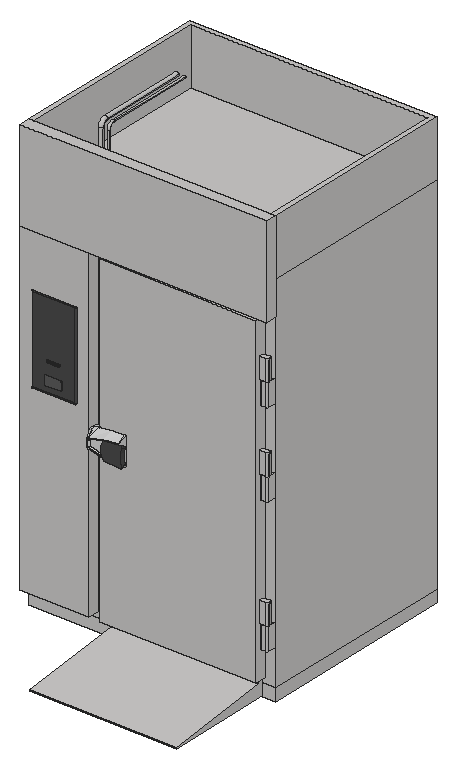
Revit family "QF_ALPENINOX_729269_ABFA22RDFE", category Specialty Equipment, Revit 2018
Family settings
  Round Connector Dimension = Use Diameter
  Part Type = Normal
  Work Plane-Based = No
  Always vertical = Yes
  Cut with Voids When Loaded = No
  Shared = Yes
  Room Calculation Point = No
Parameters (values of type "QF_ALPENINOX_729269_ABFA22RDFE.rfa")
  Weight = 438.00 kg
  Watts = 209.032 W
  Volts = 380 V
  URL Manufacturer = "http://www.alpeninox.com"
  URL = "http://www.alpeninox.com"
  Steam Supply Size = 0"
  Steam Supply Minimum Pressure = 0.00 psi
  Steam Supply Maximum Pressure = 0.00 psi
  Steam Pounds per Hour = 0
  Show Logo [instance] = yes
  Refrigeration Suction Line Size = 0.03937"
  Refrigeration Liquid Line Size = 0.07218"
  Refrigerant Compressor Remote = yes
  Phase = 3
  Model = "ABFA22RDFE"
  Manufacturer = "Alpeninox"
  Length Actual = 1400 mm  # constant formula
  Item Number = "729269"
  Hot Water Size = 0"
  Height Actual = 2340 mm  # constant formula
  HP = "3 HP"
  Gas Size = 0"
  Gas KW = 0
  Gas Input Pressure = 0.0 Btu/h
  Description = "CRIO CHILL BLAST CHILLER FREEZER 200/170KG 20 GN 2/1 - DISASSEMBLED - INSULATED FLOOR - RAMP -REM.REF.UNIT"
  Depth Actual = 1266 mm  # constant formula
  Cycle = 60 Hz
  Condensate Return Size = 0"
  Compressed Air Volume = 0 GPM
  Compressed Air Size = 0"
  Compressed Air Pressure = 0.00 psi
  Cold Water Size = 0"
  Assembly Code = ""
  Show Clearance [instance] = yes
  Accessory = yes
Values of the unnamed type that differ from the named types
  Watts = 0 W
  Volts = 0 V
  URL Manufacturer = ""
  Item Number = ""
  HP = ""
  Cycle = 0 Hz
Reference planes
  plane 1 "BACK": y = 1
  plane 2: z = 0
  plane 3 "LEFT": x = 0
  plane 4 "RIGHT": x = 1400
  plane 5 "FRONT": y = -1205
  plane 6 "TOP": z = 2470
  plane 7 "Center Y": x = 700
  plane 8 "Center X": y = -602
  plane 9: y = -2155
Forms (mm)
  Extrusion 1, solid, material "QF_Clearance", visible <- "Show Clearance", detail levels coarse
    sketch origin (0, 0, 0) x (1, 0, 0) y (0, 1, 0)
      loop
        line (0, -1205) -> (0, 1) -> (1400, 1) -> (1400, -1205) -> (1500, -1205) -> (1500, 101) -> (-100, 101) -> (-100, -1205) -> (0, -1205)
    from 0 to 2670
  Extrusion 2, solid, material "QF_Finishes_Stainless Steel"
    sketch origin (349.253, 33, 700.991) x (-1, 0, 0) y (0, -1, 0)
      loop
        line (349.253, 1172.759) -> (349.253, 1238) -> (-39.747, 1238) -> (-39.747, 1172.759) -> (349.253, 1172.759)
    from -597 to 1254
  Extrusion 3, solid, material "QF_Finishes_Stainless Steel"
    sketch origin (596.16, 27.971, 0) x (1, 0, 0) y (0, 1, 0)
      loop
        line (743.84, -1172.971) -> (-141.16, -1172.971) -> (-141.16, -1232.971) -> (743.84, -1232.971) -> (743.84, -1172.971)
    from 103.991 to 1945.25
  Extrusion 4, solid, material "QF_Door-Drawer Clearances", visible <- "Show Clearance", detail levels coarse
    sketch origin (875, -72.029, -21.802) x (-1, 0, 0) y (0, -1, 0)
      loop
        line (-465, 2025.971) -> (-465, 1132.971) -> (420, 1132.971)
        arc (420, 1132.971) -> (153.836, 1754.227) -> (-465, 2025.971) r 920
    from 125.793 to 1967.052
  Extrusion 5, solid, material "QF_Finishes_Stainless Steel"
    sketch origin (0, 0, 0) x (0, 1, 0) y (0, 0, 1)
      loop
        line (-1158.451, 70.453) -> (-1741.451, 1.966) -> (-1741.451, 0) -> (-1158.451, 0) -> (-1158.451, 70.453)
    from 485 to 1320
  Extrusion 6, solid, material "QF_Finishes_Stainless Steel"
    sketch origin (0, 0, 0) x (0, 1, 0) y (0, 0, 1)
      loop
        line (-1139, 70) -> (-1139, 0) -> (1, 0) -> (1, 70) -> (-1139, 70)
    from 0 to 1400
  Extrusion 7, solid, material "QF_Finishes_Stainless Steel"
    sketch origin (0, -1139.759, 70) x (0, 1, 0) y (-1, 0, 0)
      loop
        line (1140.759, 0) -> (0.759, 0) -> (0.759, -1400) -> (1140.759, -1400) -> (1140.759, 0)
    from 0 to 2080
  Extrusion 8, solid, material "QF_Finishes_Stainless Steel"
    sketch origin (0, 0, 0) x (0, 1, 0) y (0, 0, 1)
      loop
        line (-1139, 2470) -> (-1205, 2470) -> (-1205, 1956) -> (-1139, 1956) -> (-1139, 2470)
    from 0 to 1400
  Extrusion 9, solid, material "QF_Finishes_Stainless Steel"
    sketch origin (0, -1139.759, 2150) x (0, 1, 0) y (-1, 0, 0)
      loop
        line (1140.759, 0) -> (0.759, 0) -> (0.759, -27.807) -> (1112.952, -27.807) -> (1112.952, -1372.193) -> (0.759, -1372.193) -> (0.759, -1400) -> (1140.759, -1400) -> (1140.759, 0)
    from 0 to 320
  Extrusion 10, solid, material "QF_Finishes_Stainless Steel"
    sketch origin (0, 0, 0) x (0, 1, 0) y (0, 0, 1)
      loop
        line (-1139, 92) -> (-1158.451, 92) -> (-1158.451, 0) -> (-1139, 0) -> (-1139, 92)
    from 485 to 1320
  Extrusion 11, solid, material "QF_Clearance", visible <- "Show Clearance", detail levels coarse
    sketch origin (0, 0, 2470) x (-1, 0, 0) y (0, -1, 0)
      loop
        line (0, 1205) -> (-1400, 1205) -> (-1400, -1) -> (0, -1) -> (0, 1205)
    from 0 to 200
  Extrusion 12, solid, material "QF_Finishes_Stainless Steel"
    sketch origin (-390.239, -0.977, 1242.559) x (1, 0, 0) y (0, 1, 0)
      loop
        line (1730.239, -1159.557) -> (1730.239, -1186.759) -> (1771.078, -1186.759)
        arc (1771.078, -1186.759) -> (1778.149, -1183.83) -> (1781.078, -1176.759) r 10
        line (1781.078, -1176.759) -> (1781.078, -1169.557)
        arc (1781.078, -1169.557) -> (1778.149, -1162.486) -> (1771.078, -1159.557) r 10
        line (1771.078, -1159.557) -> (1730.239, -1159.557)
    from 398 to 516
  Extrusion 13, solid, material "QF_Finishes_Stainless Steel"
    sketch origin (-388.989, -0.977, 1242.559) x (1, 0, 0) y (0, 1, 0)
      loop
        line (1779.828, -1138.023) -> (1738.215, -1138.023) -> (1738.215, -1176.759)
        arc (1738.215, -1176.759) -> (1741.143, -1183.83) -> (1748.215, -1186.759) r 10
        line (1748.215, -1186.759) -> (1769.828, -1186.759)
        arc (1769.828, -1186.759) -> (1776.899, -1183.83) -> (1779.828, -1176.759) r 10
        line (1779.828, -1176.759) -> (1779.828, -1138.023)
    from 269 to 396
  Extrusion 14, solid, material "QF_Finishes_Handrails and Railings"
    sketch origin (0, -1205, -69.705) x (-1, 0, 0) y (0, 0, 1)
      loop
        arc (-455, 1022.346) -> (-433.392, 1027.289) -> (-413, 1035.976) r 124.815
        arc (-413, 1035.976) -> (-402.037, 1046.425) -> (-398, 1061.023) r 28.412
        line (-398, 1061.023) -> (-398, 1124.287)
        arc (-398, 1124.287) -> (-402.037, 1138.885) -> (-413, 1149.334) r 28.412
        arc (-413, 1149.334) -> (-433.392, 1158.021) -> (-455, 1162.964) r 124.815
        line (-455, 1162.964) -> (-455, 1022.346)
    from 0 to 25
  Extrusion 15, solid, material "QF_Finishes_Stainless Steel"
    sketch origin (0, 1, 0) x (1, 0, 0) y (0, 0, 1)
      loop
        circle (50.191, 2279.706) r 10
    from -2 to 0
  Extrusion 16, solid
    sketch origin (0, 0, 0) x (1, 0, 0) y (0, 1, 0)
      loop
        circle (271, -895) r 12.7
    from 180 to 190
  Sweep 17, solid, material "QF_Finishes_Stainless Steel"
    path in 3D
      loop
        line (196, -872.727, 2160) -> (196, -872.727, 2384.785)
        arc (196, -872.727, 2384.785) -> (196, -863.94, 2405.999) -> (196, -842.727, 2414.785) r 30
        line (196, -842.727, 2414.785) -> (196, -337, 2414.785)
    profile origin (196, -589.864, 2414.785) x (-1, 0, 0) y (0, 0, 1)
      loop
        circle (0, -0.785) r 11
  Sweep 18, solid, material "QF_Finishes_Stainless Steel"
    path in 3D
      loop
        line (239, -337, 2414) -> (239, -842.727, 2414)
        arc (239, -842.727, 2414) -> (239, -863.94, 2405.213) -> (239, -872.727, 2384) r 30
        line (239, -872.727, 2384) -> (239, -872.727, 2160)
    profile origin (239, -589.864, 2414) x (1, 0, 0) y (0, 0, 1)
      loop
        circle (0, 0) r 6
  Extrusion 19, solid, material "QF_Finishes_Stainless Steel"
    sketch origin (0, -1139.759, 2150) x (0, 1, 0) y (-1, 0, 0)
      loop
        line (272.791, -163.68) -> (262.791, -163.68)
        arc (262.791, -163.68) -> (252.185, -168.074) -> (247.791, -178.68) r 15
        line (247.791, -178.68) -> (247.791, -270.358)
        arc (247.791, -270.358) -> (252.185, -280.965) -> (262.791, -285.358) r 15
        line (262.791, -285.358) -> (272.791, -285.358)
        arc (272.791, -285.358) -> (283.398, -280.965) -> (287.791, -270.358) r 15
        line (287.791, -270.358) -> (287.791, -178.68)
        arc (287.791, -178.68) -> (283.398, -168.074) -> (272.791, -163.68) r 15
    from 0 to 10
  Blend 20, solid, material "QF_Finishes_Handrails and Railings"
    base sketch origin (0, -1205, -69.705) x (1, 0, 0) y (0, 0, 1)
      loop
        arc (455, 1162.964) -> (433.392, 1158.021) -> (413, 1149.334) r 124.815
        arc (413, 1149.334) -> (402.037, 1138.885) -> (398, 1124.287) r 28.412
        line (398, 1124.287) -> (398, 1061.023)
        arc (398, 1061.023) -> (402.037, 1046.425) -> (413, 1035.976) r 28.412
        arc (413, 1035.976) -> (433.392, 1027.289) -> (455, 1022.346) r 124.815
        arc (455, 1022.346) -> (524.77, 1014.896) -> (594.859, 1011.587) r 1185.63
        arc (594.859, 1011.587) -> (600.607, 1013.879) -> (603, 1019.586) r 8
        line (603, 1019.586) -> (603, 1165.724)
        arc (603, 1165.724) -> (600.607, 1171.431) -> (594.859, 1173.723) r 8
        arc (594.859, 1173.723) -> (524.77, 1170.414) -> (455, 1162.964) r 1185.63
    top sketch origin (0, -1205, -69.705) x (1, 0, 0) y (0, 0, 1)
      loop
        line (421, 1108.337) -> (421, 1076.973)
        arc (421, 1076.973) -> (423.295, 1069.915) -> (429.302, 1065.557) r 12
        arc (429.302, 1065.557) -> (515.086, 1044.22) -> (603, 1034.974) r 636.459
        line (603, 1034.974) -> (603, 1150.336)
        arc (603, 1150.336) -> (515.086, 1141.09) -> (429.302, 1119.753) r 636.459
        arc (429.302, 1119.753) -> (423.295, 1115.395) -> (421, 1108.337) r 12
    from 0 to 50
  Blend 21, void
    base sketch origin (0, -1255, -69.705) x (-1, 0, 0) y (0, 0, 1)
      loop
        arc (-430.843, 1114.996) -> (-515.866, 1136.151) -> (-603, 1145.333) r 631.459
        line (-603, 1145.333) -> (-603, 1039.977)
        arc (-603, 1039.977) -> (-515.866, 1049.159) -> (-430.843, 1070.314) r 631.459
        arc (-430.843, 1070.314) -> (-427.339, 1072.856) -> (-426, 1076.973) r 7
        line (-426, 1076.973) -> (-426, 1108.337)
        arc (-426, 1108.337) -> (-427.339, 1112.454) -> (-430.843, 1114.996) r 7
    top sketch origin (0, -1255, -69.705) x (-1, 0, 0) y (0, 0, 1)
      loop
        arc (-432.384, 1110.24) -> (-516.647, 1131.211) -> (-603, 1140.33) r 626.459
        line (-603, 1140.33) -> (-603, 1044.98)
        arc (-603, 1044.98) -> (-516.647, 1054.099) -> (-432.384, 1075.07) r 626.459
        arc (-432.384, 1075.07) -> (-431.382, 1075.797) -> (-431, 1076.973) r 2
        line (-431, 1076.973) -> (-431, 1108.337)
        arc (-431, 1108.337) -> (-431.382, 1109.513) -> (-432.384, 1110.24) r 2
    from 0 to 10
  Blend 22, solid, material "QF_Finishes_Black"
    base sketch origin (0, -1245, -69.705) x (1, 0, 0) y (0, 0, 1)
      loop
        arc (628.567, 1043.419) -> (622.014, 1092.655) -> (628.567, 1141.89) r 188.232
        arc (628.567, 1141.89) -> (627.358, 1147.991) -> (621.77, 1150.721) r 7
        arc (621.77, 1150.721) -> (572.304, 1148.509) -> (523.16, 1142.458) r 636.459
        arc (523.16, 1142.458) -> (507.711, 1092.655) -> (523.16, 1042.852) r 88
        arc (523.16, 1042.852) -> (572.304, 1036.801) -> (621.77, 1034.589) r 636.459
        arc (621.77, 1034.589) -> (627.358, 1037.319) -> (628.567, 1043.419) r 7
    top sketch origin (0, -1245, -69.705) x (1, 0, 0) y (0, 0, 1)
      loop
        arc (626.748, 1050.703) -> (622.014, 1092.655) -> (626.748, 1134.607) r 188.232
        arc (626.748, 1134.607) -> (625.775, 1138.85) -> (621.845, 1140.722) r 5
        arc (621.845, 1140.722) -> (569.023, 1138.185) -> (516.603, 1131.203) r 626.459
        arc (516.603, 1131.203) -> (507.711, 1092.655) -> (516.603, 1054.107) r 88
        arc (516.603, 1054.107) -> (569.023, 1047.124) -> (621.845, 1044.588) r 626.459
        arc (621.845, 1044.588) -> (625.775, 1046.46) -> (626.748, 1050.703) r 5
    from 20 to 0
  Extrusion 23, solid, material "QF_Finishes_Stainless Steel"
    sketch origin (-390.239, -0.977, 762.559) x (1, 0, 0) y (0, 1, 0)
      loop
        line (1730.239, -1159.557) -> (1730.239, -1186.759) -> (1771.078, -1186.759)
        arc (1771.078, -1186.759) -> (1778.149, -1183.83) -> (1781.078, -1176.759) r 10
        line (1781.078, -1176.759) -> (1781.078, -1169.557)
        arc (1781.078, -1169.557) -> (1778.149, -1162.486) -> (1771.078, -1159.557) r 10
        line (1771.078, -1159.557) -> (1730.239, -1159.557)
    from 398 to 516
  Extrusion 24, solid, material "QF_Finishes_Stainless Steel"
    sketch origin (-388.989, -0.977, 762.559) x (1, 0, 0) y (0, 1, 0)
      loop
        line (1779.828, -1138.023) -> (1738.215, -1138.023) -> (1738.215, -1176.759)
        arc (1738.215, -1176.759) -> (1741.143, -1183.83) -> (1748.215, -1186.759) r 10
        line (1748.215, -1186.759) -> (1769.828, -1186.759)
        arc (1769.828, -1186.759) -> (1776.899, -1183.83) -> (1779.828, -1176.759) r 10
        line (1779.828, -1176.759) -> (1779.828, -1138.023)
    from 269 to 396
  Extrusion 25, solid, material "QF_Finishes_Stainless Steel"
    sketch origin (-390.239, -0.977, 2.559) x (1, 0, 0) y (0, 1, 0)
      loop
        line (1730.239, -1159.557) -> (1730.239, -1186.759) -> (1771.078, -1186.759)
        arc (1771.078, -1186.759) -> (1778.149, -1183.83) -> (1781.078, -1176.759) r 10
        line (1781.078, -1176.759) -> (1781.078, -1169.557)
        arc (1781.078, -1169.557) -> (1778.149, -1162.486) -> (1771.078, -1159.557) r 10
        line (1771.078, -1159.557) -> (1730.239, -1159.557)
    from 398 to 516
  Extrusion 26, solid, material "QF_Finishes_Stainless Steel"
    sketch origin (-388.989, -0.977, 2.559) x (1, 0, 0) y (0, 1, 0)
      loop
        line (1779.828, -1138.023) -> (1738.215, -1138.023) -> (1738.215, -1176.759)
        arc (1738.215, -1176.759) -> (1741.143, -1183.83) -> (1748.215, -1186.759) r 10
        line (1748.215, -1186.759) -> (1769.828, -1186.759)
        arc (1769.828, -1186.759) -> (1776.899, -1183.83) -> (1779.828, -1176.759) r 10
        line (1779.828, -1176.759) -> (1779.828, -1138.023)
    from 269 to 396
  Extrusion 27, solid, material "QF_Door-Drawer Clearances", visible <- "Show Clearance", detail levels coarse
    sketch origin (167.029, -1956.84, 0) x (0, 1, 0) y (-1, 0, 0)
      loop
        line (751.84, -1172.971) -> (-141.16, -1172.971) -> (-141.16, -1232.971) -> (751.84, -1232.971) -> (751.84, -1172.971)
    from 103.991 to 1945.25
  Extrusion 28, solid, material "QF_Door-Drawer Clearances", visible <- "Show Clearance", detail levels coarse
    sketch origin (1400, -2553, -69.705) x (0, -1, 0) y (0, 0, 1)
      loop
        arc (-455, 1022.346) -> (-433.392, 1027.289) -> (-413, 1035.976) r 124.815
        arc (-413, 1035.976) -> (-402.037, 1046.425) -> (-398, 1061.023) r 28.412
        line (-398, 1061.023) -> (-398, 1124.287)
        arc (-398, 1124.287) -> (-402.037, 1138.885) -> (-413, 1149.334) r 28.412
        arc (-413, 1149.334) -> (-433.392, 1158.021) -> (-455, 1162.964) r 124.815
        line (-455, 1162.964) -> (-455, 1022.346)
    from 0 to 25
  Blend 29, solid, material "QF_Door-Drawer Clearances", visible <- "Show Clearance", detail levels coarse
    base sketch origin (1400, -2553, -69.705) x (0, 1, 0) y (0, 0, 1)
      loop
        arc (455, 1162.964) -> (433.392, 1158.021) -> (413, 1149.334) r 124.815
        arc (413, 1149.334) -> (402.037, 1138.885) -> (398, 1124.287) r 28.412
        line (398, 1124.287) -> (398, 1061.023)
        arc (398, 1061.023) -> (402.037, 1046.425) -> (413, 1035.976) r 28.412
        arc (413, 1035.976) -> (433.392, 1027.289) -> (455, 1022.346) r 124.815
        arc (455, 1022.346) -> (524.77, 1014.896) -> (594.859, 1011.587) r 1185.63
        arc (594.859, 1011.587) -> (600.607, 1013.879) -> (603, 1019.586) r 8
        line (603, 1019.586) -> (603, 1165.724)
        arc (603, 1165.724) -> (600.607, 1171.431) -> (594.859, 1173.723) r 8
        arc (594.859, 1173.723) -> (524.77, 1170.414) -> (455, 1162.964) r 1185.63
    top sketch origin (1400, -2553, -69.705) x (0, 1, 0) y (0, 0, 1)
      loop
        line (421, 1108.337) -> (421, 1076.973)
        arc (421, 1076.973) -> (423.295, 1069.915) -> (429.302, 1065.557) r 12
        arc (429.302, 1065.557) -> (515.086, 1044.22) -> (603, 1034.974) r 636.459
        line (603, 1034.974) -> (603, 1150.336)
        arc (603, 1150.336) -> (515.086, 1141.09) -> (429.302, 1119.753) r 636.459
        arc (429.302, 1119.753) -> (423.295, 1115.395) -> (421, 1108.337) r 12
    from 0 to 50
  Blend 30, void
    base sketch origin (1450, -2553, -69.705) x (0, -1, 0) y (0, 0, 1)
      loop
        arc (-430.843, 1114.996) -> (-515.866, 1136.151) -> (-603, 1145.333) r 631.459
        line (-603, 1145.333) -> (-603, 1039.977)
        arc (-603, 1039.977) -> (-515.866, 1049.159) -> (-430.843, 1070.314) r 631.459
        arc (-430.843, 1070.314) -> (-427.339, 1072.856) -> (-426, 1076.973) r 7
        line (-426, 1076.973) -> (-426, 1108.337)
        arc (-426, 1108.337) -> (-427.339, 1112.454) -> (-430.843, 1114.996) r 7
    top sketch origin (1450, -2553, -69.705) x (0, -1, 0) y (0, 0, 1)
      loop
        arc (-432.384, 1110.24) -> (-516.647, 1131.211) -> (-603, 1140.33) r 626.459
        line (-603, 1140.33) -> (-603, 1044.98)
        arc (-603, 1044.98) -> (-516.647, 1054.099) -> (-432.384, 1075.07) r 626.459
        arc (-432.384, 1075.07) -> (-431.382, 1075.797) -> (-431, 1076.973) r 2
        line (-431, 1076.973) -> (-431, 1108.337)
        arc (-431, 1108.337) -> (-431.382, 1109.513) -> (-432.384, 1110.24) r 2
    from 0 to 10
  Blend 31, solid, material "QF_Door-Drawer Clearances", visible <- "Show Clearance", detail levels coarse
    base sketch origin (1440, -2553, -69.705) x (0, 1, 0) y (0, 0, 1)
      loop
        arc (628.567, 1043.419) -> (622.014, 1092.655) -> (628.567, 1141.89) r 188.232
        arc (628.567, 1141.89) -> (627.358, 1147.991) -> (621.77, 1150.721) r 7
        arc (621.77, 1150.721) -> (572.304, 1148.509) -> (523.16, 1142.458) r 636.459
        arc (523.16, 1142.458) -> (507.711, 1092.655) -> (523.16, 1042.852) r 88
        arc (523.16, 1042.852) -> (572.304, 1036.801) -> (621.77, 1034.589) r 636.459
        arc (621.77, 1034.589) -> (627.358, 1037.319) -> (628.567, 1043.419) r 7
    top sketch origin (1440, -2553, -69.705) x (0, 1, 0) y (0, 0, 1)
      loop
        arc (626.748, 1050.703) -> (622.014, 1092.655) -> (626.748, 1134.607) r 188.232
        arc (626.748, 1134.607) -> (625.775, 1138.85) -> (621.845, 1140.722) r 5
        arc (621.845, 1140.722) -> (569.023, 1138.185) -> (516.603, 1131.203) r 626.459
        arc (516.603, 1131.203) -> (507.711, 1092.655) -> (516.603, 1054.107) r 88
        arc (516.603, 1054.107) -> (569.023, 1047.124) -> (621.845, 1044.588) r 626.459
        arc (621.845, 1044.588) -> (625.775, 1046.46) -> (626.748, 1050.703) r 5
    from 20 to -1
Cuts and joins
  joined: Extrusion 1, Extrusion 11
  joined: Extrusion 5, Extrusion 10
  Blend 21 cuts Extrusion 3
  joined: Extrusion 3, Extrusion 12, Extrusion 23, Extrusion 25
  Blend 21 cuts Extrusion 7
  joined: Extrusion 7, Extrusion 13, Sweep 17, Sweep 18, Extrusion 19, Extrusion 24, Extrusion 26
  Blend 21, Blend 30 cuts Extrusion 14
  Blend 21, Blend 30 cuts Blend 20
  joined: Extrusion 14, Blend 20
  Blend 30 cuts Extrusion 4
  Blend 30 cuts Blend 29
  joined: Extrusion 4, Extrusion 27, Extrusion 28, Blend 29, Blend 31
  joined: Extrusion 9, Extrusion 15
Lines and regions (mm)
  symbolic lines, style "QF-Clearances", visible <- "Show Clearance", detail levels coarse
    curve 1: line (-100, -1204.241, 70) -> (-100, 101, 70)
    curve 2: line (-100, 101, 70) -> (1500, 101, 70)
    curve 3: line (1500, 101, 70) -> (1500, -1204.241, 70)
  symbolic lines
    curve 4: line (1320, -1205, 70) -> (1320, -1741.451, 70)
    curve 5: line (1320, -1741.451, 70) -> (485, -1741.451, 70)
    curve 6: line (485, -1741.451, 70) -> (485, -1255, 70)
    curve 13: line (185, -336.968, 70) -> (207, -336.968, 70)
    curve 14: line (207, -336.968, 70) -> (207, -871.942, 70)
    curve 15: line (233, -872.727, 70) -> (233, -337, 70)
    curve 16: line (233, -337, 70) -> (245, -337, 70)
    curve 17: line (245, -337, 70) -> (245, -872.727, 70)
    curve 18: line (245, -851.968, 70) -> (270.358, -851.968, 70)
    curve 19: arc (285.358, -866.968, 70) -> (280.965, -856.361, 70) -> (270.358, -851.968, 70) r 15
    curve 20: line (285.358, -876.968, 70) -> (285.358, -866.968, 70)
    curve 21: arc (270.358, -891.968, 70) -> (280.965, -887.575, 70) -> (285.358, -876.968, 70) r 15
    curve 22: line (178.68, -891.968, 70) -> (270.358, -891.968, 70)
    curve 23: arc (163.68, -876.968, 70) -> (168.074, -887.575, 70) -> (178.68, -891.968, 70) r 15
    curve 24: line (163.68, -866.968, 70) -> (163.68, -876.968, 70)
    curve 25: arc (178.68, -851.968, 70) -> (168.074, -856.361, 70) -> (163.68, -866.968, 70) r 15
    curve 26: arc (207, -871.942, 70) -> (196, -882.942, 70) -> (185, -871.942, 70) r 11
    curve 27: arc (233, -872.727, 70) -> (239, -878.727, 70) -> (245, -872.727, 70) r 6
    curve 28: line (178.68, -851.968, 70) -> (185, -851.968, 70)
    curve 29: line (185, -336.968, 70) -> (185, -871.942, 70)
    curve 30: line (207, -851.968, 70) -> (233, -851.968, 70)
    curve 31: line (0, 1, 70) -> (1400, 1, 70)
    curve 32: line (0, -1205, 70) -> (0, 1, 70)
    curve 33: line (1400, -1205, 70) -> (0, -1205, 70)
    curve 34: line (1400, 1, 70) -> (1400, -1205, 70)
    curve 35: line (27.807, -26.807, 70) -> (1372.193, -26.807, 70)
    curve 36: line (27.807, -1139, 70) -> (27.807, -26.807, 70)
    curve 37: line (1400, -1139, 70) -> (0, -1139, 70)
    curve 38: line (1372.193, -26.807, 70) -> (1372.193, -1139, 70)
    curve 39: line (75.5, -1210, 70) -> (313.5, -1210, 70)
    curve 40: line (75.5, -1210, 70) -> (67.5, -1205, 70)
    curve 41: line (313.5, -1210, 70) -> (321.5, -1205, 70)
    curve 42: line (421, -1255, 70) -> (398, -1205, 70)
    curve 43: line (421, -1255, 70) -> (603, -1255, 70)
    curve 44: line (603, -1255, 70) -> (603, -1205, 70)
    curve 45: line (603, -1245, 70) -> (626.748, -1245, 70)
    curve 46: line (626.748, -1245, 70) -> (628.811, -1265, 70)
    curve 47: line (628.811, -1265, 70) -> (507.711, -1265, 70)
    curve 48: line (507.711, -1265, 70) -> (507.711, -1255, 70)
  sketch lines
    curve 7: line (196, -842.727, 2414.785) -> (196, -337, 2414.785)
    curve 8: arc (196, -872.727, 2384.785) -> (196, -863.94, 2405.999) -> (196, -842.727, 2414.785) r 30
    curve 9: line (196, -872.727, 2160) -> (196, -872.727, 2384.785)
    curve 10: line (239, -337, 2414) -> (239, -842.727, 2414)
    curve 11: arc (239, -842.727, 2414) -> (239, -863.94, 2405.213) -> (239, -872.727, 2384) r 30
    curve 12: line (239, -872.727, 2384) -> (239, -872.727, 2160)
  symbolic lines, style "QF_Door-Drawer Clearances", visible <- "Show Clearance"
    curve 49: line (1450, -2132, 70) -> (1400, -2155, 70)
    curve 50: line (1450, -2132, 70) -> (1450, -1950, 70)
    curve 51: line (1450, -1950, 70) -> (1400, -1950, 70)
    curve 52: line (1439, -1950, 70) -> (1439, -1926.126, 70)
    curve 53: line (1439, -1926.126, 70) -> (1460, -1924.189, 70)
    curve 54: line (1460, -1924.189, 70) -> (1460, -2045.289, 70)
    curve 55: line (1460, -2045.289, 70) -> (1450, -2045.289, 70)
    curve 56: line (1375, -2098, 70) -> (1375, -2155, 70)
    curve 57: line (1340, -2098, 70) -> (1400, -2098, 70)
    curve 58: arc (457.796, -1255, 70) -> (739.031, -1843.801, 70) -> (1340, -2098, 70) r 920
    curve 59: line (1400, -2155, 70) -> (1375, -2155, 70)
    curve 60: line (1400, -2098, 70) -> (1400, -1205, 70)
    curve 61: line (1340, -2098, 70) -> (1340, -1205, 70)
Dimensions and locks
  plane 5 "FRONT" to plane 1 "BACK" = 1206 mm
  plane 6 "TOP" to level = 2470 mm
  plane 4 "RIGHT" to plane 3 "LEFT" = 1400 mm
  plane 3 "LEFT" to plane 4 "RIGHT" = 1400 mm
  equal spacing: plane 3 "LEFT", plane 7 "Center Y", plane 4 "RIGHT"
  equal spacing: plane 1 "BACK", plane 8 "Center X", plane 5 "FRONT"
  Extrusion 5 sketch curve to Extrusion 5 sketch curve = 583 mm
  Extrusion 4 sketch curve to plane 1 "BACK" = 2099 mm
  Extrusion 16 sketch curve to plane 1 "BACK" = 896 mm
  plane 3 "LEFT" to Extrusion 16 sketch curve = 271 mm
  angle Extrusion 5 sketch curve to Extrusion 5 sketch curve = 6.70°
  aligned and locked: level to plane 2
Automatic sketch dimensions
  plane 5 "FRONT" to Extrusion 1 sketch curve = 0 mm  (x2)
  Extrusion 1 sketch curve to plane 3 "LEFT" = 0 mm
  plane 1 "BACK" to Extrusion 1 sketch curve = 0 mm
  Extrusion 1 sketch curve to plane 4 "RIGHT" = 0 mm
  Extrusion 1 sketch curve to plane 3 "LEFT" = 100 mm
  plane 4 "RIGHT" to Extrusion 1 sketch curve = 100 mm
  Extrusion 1 sketch curve to plane 1 "BACK" = 100 mm
  plane 5 "FRONT" to Extrusion 2 sketch curve = 0 mm
  Extrusion 2 sketch curve to plane 3 "LEFT" = 0 mm
  Extrusion 2 sketch curve to plane 5 "FRONT" = 65.241 mm
  plane 5 "FRONT" to Extrusion 3 sketch curve = 0 mm
  Extrusion 3 sketch curve to plane 5 "FRONT" = 60 mm
  Extrusion 3 sketch curve to plane 4 "RIGHT" = 60 mm
  Extrusion 5 sketch curve to level = 0 mm
  level to Extrusion 5 sketch curve = 1.966 mm
  Extrusion 5 sketch curve to plane 9 = 413.549 mm
  Extrusion 6 sketch curve to level = 0 mm
  Extrusion 6 sketch curve to plane 1 "BACK" = 0 mm
  Extrusion 6 sketch curve to plane 5 "FRONT" = 66 mm
  Extrusion 6 sketch curve to Extrusion 6 sketch curve = 70 mm
  Extrusion 7 sketch curve to Extrusion 6 = 0 mm  (x3)
  Extrusion 6 to Extrusion 7 sketch curve = 0 mm
  Extrusion 8 sketch curve to plane 5 "FRONT" = 0 mm
  Extrusion 8 sketch curve to plane 6 "TOP" = 0 mm
  Extrusion 8 sketch curve to plane 5 "FRONT" = 66 mm
  Extrusion 8 sketch curve to Extrusion 8 sketch curve = 514 mm
  Extrusion 7 to Extrusion 9 sketch curve = 0 mm
  Extrusion 9 sketch curve to Extrusion 7 = 0 mm  (x4)
  Extrusion 9 sketch curve to Extrusion 7 = 27.807 mm  (x3)
  Extrusion 10 sketch curve to level = 0 mm
  Extrusion 10 sketch curve to plane 5 "FRONT" = 46.549 mm
  Extrusion 10 sketch curve to Extrusion 10 sketch curve = 19.451 mm
  Extrusion 10 sketch curve to Extrusion 10 sketch curve = 92 mm
  Extrusion 11 sketch curve to plane 4 "RIGHT" = 0 mm
  plane 1 "BACK" to Extrusion 11 sketch curve = 0 mm
  Extrusion 11 sketch curve to plane 3 "LEFT" = 0 mm
  plane 5 "FRONT" to Extrusion 11 sketch curve = 0 mm
  Extrusion 12 sketch curve to plane 5 "FRONT" = 17.264 mm
  Extrusion 12 sketch curve to plane 4 "RIGHT" = 60 mm
  Extrusion 12 sketch curve to plane 4 "RIGHT" = 19.161 mm
  Extrusion 12 sketch curve to Extrusion 12 sketch curve = 0 mm
  Extrusion 12 sketch curve to plane 4 "RIGHT" = 9.161 mm
  Extrusion 12 sketch curve to Extrusion 12 sketch curve = 7.202 mm
  Extrusion 13 sketch curve to plane 5 "FRONT" = 27.264 mm
  Extrusion 13 sketch curve to plane 4 "RIGHT" = 50.775 mm
  Extrusion 13 sketch curve to Extrusion 13 sketch curve = 10 mm
  Extrusion 13 sketch curve to plane 4 "RIGHT" = 19.161 mm
  Extrusion 13 sketch curve to plane 4 "RIGHT" = 9.161 mm
  Extrusion 13 sketch curve to Extrusion 13 sketch curve = 38.736 mm
  plane 7 "Center Y" to Extrusion 14 sketch curve = 228.081 mm
  Extrusion 14 sketch curve to Extrusion 14 sketch curve = 0 mm
  Extrusion 14 sketch curve to Extrusion 14 sketch curve = 16.919 mm
  Extrusion 14 sketch curve to Extrusion 14 sketch curve = 28.588 mm  (x2)
  Extrusion 14 sketch curve to Extrusion 14 sketch curve = 28.412 mm
  level to Extrusion 14 sketch curve = 952.641 mm
  Extrusion 14 sketch curve to Extrusion 14 sketch curve = 16.954 mm  (x2)
  Extrusion 14 sketch curve to Extrusion 14 sketch curve = 38.676 mm
  Extrusion 14 sketch curve to Extrusion 14 sketch curve = 63.265 mm
  Extrusion 14 sketch curve to Extrusion 14 sketch curve = 21.722 mm
  Sweep 17 sketch curve to profile plane = 0 mm
  Sweep 17 sketch curve to profile plane = 0.785 mm
  profile plane to Sweep 18 sketch curve = 0 mm
  Sweep 18 sketch curve to profile plane = 0 mm
  Extrusion 19 sketch curve to Extrusion 7 = 247.032 mm
  Extrusion 19 sketch curve to Extrusion 19 sketch curve = 15 mm  (x3)
  Extrusion 19 sketch curve to Extrusion 19 sketch curve = 10 mm  (x2)
  Extrusion 19 sketch curve to Extrusion 7 = 285.358 mm
  Extrusion 19 sketch curve to Extrusion 19 sketch curve = 91.678 mm
  Blend 20 sketch curve to Extrusion 14 = 0 mm  (x4)
  Blend 20 sketch curve to Extrusion 14 = 28.412 mm
  Blend 20 sketch curve to Blend 20 sketch curve = 123.081 mm  (x2)
  Blend 20 sketch curve to Blend 20 sketch curve = 8 mm
  Extrusion 14 to Blend 20 sketch curve = 160.712 mm  (x2)
  Blend 20 sketch curve to Blend 20 sketch curve = 19.715 mm  (x2)
  Blend 20 sketch curve to Blend 20 sketch curve = 38.676 mm
  Blend 20 sketch curve to Extrusion 14 = 23 mm
  Blend 20 sketch curve to Blend 20 sketch curve = 12 mm  (x2)
  Extrusion 14 to Blend 20 sketch curve = 148 mm
  Extrusion 14 to Blend 20 sketch curve = 170.45 mm  (x2)
  Blend 20 sketch curve to Blend 20 sketch curve = 520.701 mm  (x2)
  Blend 20 sketch curve to Blend 20 sketch curve = 41.999 mm
  Blend 20 sketch curve to Blend 20 sketch curve = 31.364 mm
  Blend 20 sketch curve to Blend 20 sketch curve = 115.362 mm
  Blend 20 to Blend 21 sketch curve = 0 mm  (x2)
  Blend 21 sketch curve to Blend 21 sketch curve = 7 mm
  Blend 21 sketch curve to Blend 21 sketch curve = 31.364 mm  (x2)
  Blend 21 sketch curve to Blend 21 sketch curve = 2 mm
  Blend 21 to Blend 22 sketch curve = 18.811 mm  (x2)
  Blend 22 sketch curve to Blend 21 = 7.289 mm  (x2)
  Blend 22 sketch curve to Blend 22 sketch curve = 188.435 mm
  Blend 22 sketch curve to Blend 22 sketch curve = 7 mm  (x2)
  Blend 22 sketch curve to Blend 22 sketch curve = 51.066 mm  (x2)
  Blend 22 sketch curve to Blend 22 sketch curve = 0 mm  (x6)
  Blend 22 sketch curve to Blend 21 = 79.84 mm
  Blend 21 to Blend 22 sketch curve = 18.874 mm  (x2)
  Blend 22 sketch curve to Blend 22 sketch curve = 188.371 mm
  Blend 22 sketch curve to Blend 22 sketch curve = 5 mm  (x2)
  Blend 22 sketch curve to Blend 22 sketch curve = 43.067 mm  (x2)
  Blend 22 sketch curve to Blend 21 = 85.603 mm
  Extrusion 23 sketch curve to plane 5 "FRONT" = 17.264 mm
  Extrusion 23 sketch curve to plane 4 "RIGHT" = 60 mm
  Extrusion 23 sketch curve to plane 4 "RIGHT" = 19.161 mm
  Extrusion 23 sketch curve to Extrusion 23 sketch curve = 0 mm
  Extrusion 23 sketch curve to plane 4 "RIGHT" = 9.161 mm
  Extrusion 23 sketch curve to Extrusion 23 sketch curve = 7.202 mm
  Extrusion 24 sketch curve to plane 5 "FRONT" = 27.264 mm
  Extrusion 24 sketch curve to plane 4 "RIGHT" = 50.775 mm
  Extrusion 24 sketch curve to Extrusion 24 sketch curve = 10 mm
  Extrusion 24 sketch curve to plane 4 "RIGHT" = 19.161 mm
  Extrusion 24 sketch curve to plane 4 "RIGHT" = 9.161 mm
  Extrusion 24 sketch curve to Extrusion 24 sketch curve = 38.736 mm
  Extrusion 25 sketch curve to plane 5 "FRONT" = 17.264 mm
  Extrusion 25 sketch curve to plane 4 "RIGHT" = 60 mm
  Extrusion 25 sketch curve to plane 4 "RIGHT" = 19.161 mm
  Extrusion 25 sketch curve to Extrusion 25 sketch curve = 0 mm
  Extrusion 25 sketch curve to plane 4 "RIGHT" = 9.161 mm
  Extrusion 25 sketch curve to Extrusion 25 sketch curve = 7.202 mm
  Extrusion 26 sketch curve to plane 5 "FRONT" = 27.264 mm
  Extrusion 26 sketch curve to plane 4 "RIGHT" = 50.775 mm
  Extrusion 26 sketch curve to Extrusion 26 sketch curve = 10 mm
  Extrusion 26 sketch curve to plane 4 "RIGHT" = 19.161 mm
  Extrusion 26 sketch curve to plane 4 "RIGHT" = 9.161 mm
  Extrusion 26 sketch curve to Extrusion 26 sketch curve = 38.736 mm
  Extrusion 27 sketch curve to plane 9 = 57 mm
  plane 5 "FRONT" to Extrusion 27 sketch curve = 0 mm
  Extrusion 27 sketch curve to plane 7 "Center Y" = 700 mm
  Extrusion 27 sketch curve to Extrusion 27 sketch curve = 60 mm
  Extrusion 28 sketch curve to plane 9 = 73.919 mm
  Extrusion 28 sketch curve to Extrusion 28 sketch curve = 0 mm
  Extrusion 28 sketch curve to Extrusion 28 sketch curve = 16.919 mm
  Extrusion 28 sketch curve to Extrusion 28 sketch curve = 28.588 mm  (x2)
  Extrusion 28 sketch curve to Extrusion 28 sketch curve = 28.412 mm
  level to Extrusion 28 sketch curve = 952.641 mm
  Extrusion 28 sketch curve to Extrusion 28 sketch curve = 16.954 mm  (x2)
  Extrusion 28 sketch curve to Extrusion 28 sketch curve = 38.676 mm
  Extrusion 28 sketch curve to Extrusion 28 sketch curve = 63.265 mm
  Extrusion 28 sketch curve to Extrusion 28 sketch curve = 21.722 mm
  Blend 29 sketch curve to Extrusion 28 = 0 mm  (x4)
  Blend 29 sketch curve to Extrusion 28 = 28.412 mm
  Blend 29 sketch curve to Blend 29 sketch curve = 123.081 mm  (x2)
  Blend 29 sketch curve to Blend 29 sketch curve = 8 mm
  Extrusion 28 to Blend 29 sketch curve = 160.712 mm  (x2)
  Blend 29 sketch curve to Blend 29 sketch curve = 19.715 mm  (x2)
  Blend 29 sketch curve to Blend 29 sketch curve = 38.676 mm
  Blend 29 sketch curve to Extrusion 28 = 23 mm
  Blend 29 sketch curve to Blend 29 sketch curve = 12 mm  (x2)
  Extrusion 28 to Blend 29 sketch curve = 148 mm
  Extrusion 28 to Blend 29 sketch curve = 170.45 mm  (x2)
  Blend 29 sketch curve to Blend 29 sketch curve = 520.701 mm  (x2)
  Blend 29 sketch curve to Blend 29 sketch curve = 41.999 mm
  Blend 29 sketch curve to Blend 29 sketch curve = 31.364 mm
  Blend 29 sketch curve to Blend 29 sketch curve = 115.362 mm
  Blend 30 sketch curve to Blend 29 = 0 mm  (x2)
  Blend 30 sketch curve to Blend 30 sketch curve = 7 mm
  Blend 30 sketch curve to Blend 30 sketch curve = 31.364 mm  (x2)
  Blend 30 sketch curve to Blend 30 sketch curve = 2 mm
  Blend 30 to Blend 31 sketch curve = 18.811 mm  (x2)
  Blend 31 sketch curve to Blend 30 = 7.289 mm  (x2)
  Blend 31 sketch curve to Blend 31 sketch curve = 188.435 mm
  Blend 31 sketch curve to Blend 31 sketch curve = 7 mm  (x2)
  Blend 31 sketch curve to Blend 31 sketch curve = 51.066 mm  (x2)
  Blend 31 sketch curve to Blend 31 sketch curve = 0 mm  (x6)
  Blend 31 sketch curve to Blend 30 = 79.84 mm
  Blend 30 to Blend 31 sketch curve = 18.874 mm  (x2)
  Blend 31 sketch curve to Blend 31 sketch curve = 188.371 mm
  Blend 31 sketch curve to Blend 31 sketch curve = 5 mm  (x2)
  Blend 31 sketch curve to Blend 31 sketch curve = 43.067 mm  (x2)
  Blend 31 sketch curve to Blend 30 = 85.603 mm
  plane 5 "FRONT" to Extrusion 4 sketch curve = 0 mm
  Extrusion 4 sketch curve to plane 4 "RIGHT" = 60 mm
  Extrusion 4 sketch curve to Extrusion 4 sketch curve = 34.623 mm
  Extrusion 4 sketch curve to plane 5 "FRONT" = 26.348 mm
  plane 3 "LEFT" to Extrusion 15 sketch curve = 50.191 mm
  Extrusion 15 sketch curve to plane 6 "TOP" = 190.294 mm
  plane 7 "Center Y" to Extrusion 2 sketch curve = 311 mm
  plane 7 "Center Y" to Extrusion 3 sketch curve = 245 mm
  curve 49 to Extrusion 6 = 0 mm
  curve 51 to Extrusion 6 = 0 mm
  curve 33 to Extrusion 6 = 0 mm
  curve 31 to Extrusion 6 = 0 mm
  Extrusion 6 to curve 36 = 27.807 mm  (x2)
  Extrusion 6 to curve 13 = 337.968 mm
  curve 15 to curve 13 = 0.032 mm
  curve 28 to Extrusion 6 = 287.032 mm
  curve 28 to curve 18 = 0 mm
  curve 19 to curve 18 = 15 mm
  curve 25 to curve 25 = 15 mm
  curve 29 to curve 25 = 4.974 mm
  curve 17 to curve 18 = 20.759 mm
  curve 24 to curve 25 = 10 mm
  curve 21 to curve 19 = 10 mm
  curve 22 to curve 21 = 15 mm
  Extrusion 6 to curve 58 = 39.652 mm
  Extrusion 6 to curve 32 = 66 mm
  curve 41 to curve 41 = 5 mm
  curve 46 to curve 44 = 40 mm
  curve 42 to curve 42 = 50 mm
  curve 46 to curve 45 = 20 mm
  Extrusion 6 to curve 4 = 80 mm
  curve 4 to curve 4 = 536.451 mm
  curve 53 to Extrusion 6 = 60 mm
  curve 53 to curve 4 = 182.738 mm
  curve 53 to Extrusion 6 = 39 mm
  curve 53 to curve 53 = 1.937 mm
  curve 51 to curve 52 = 23.874 mm
  curve 55 to curve 50 = 95.289 mm
  Extrusion 6 to curve 57 = 60 mm
  curve 57 to curve 55 = 52.711 mm
  curve 50 to curve 57 = 34 mm
  Extrusion 6 to curve 56 = 25 mm
  curve 56 to curve 56 = 57 mm
  curve 2 to Extrusion 6 = 100 mm  (x2)
  curve 50 to curve 52 = 11 mm
  Extrusion 6 to curve 58 = 25.377 mm
  Extrusion 6 to curve 38 = 27.807 mm
  curve 47 to curve 58 = 171.015 mm
  curve 46 to curve 45 = 2.062 mm
  curve 45 to curve 44 = 23.748 mm
  curve 48 to curve 58 = 49.915 mm
  curve 47 to curve 6 = 22.711 mm
  curve 58 to curve 43 = 36.796 mm
  curve 42 to curve 41 = 107.5 mm
  Extrusion 6 to curve 20 = 285.358 mm
  curve 21 to curve 17 = 25.358 mm
  curve 17 to curve 27 = 6 mm
  curve 15 to curve 13 = 26 mm
  curve 14 to curve 26 = 11 mm
  curve 28 to curve 28 = 6.32 mm
  Extrusion 6 to curve 40 = 75.5 mm
  curve 1 to Extrusion 6 = 100 mm
  curve 30 to curve 18 = 0 mm
  Extrusion 6 to curve 36 = 0 mm
  Extrusion 6 to curve 1 = 65.241 mm
  Extrusion 6 to curve 3 = 65.241 mm
  curve 42 to curve 42 = 23 mm
  curve 41 to curve 39 = 8 mm
  curve 39 to curve 40 = 8 mm
  radius of Extrusion 16 sketch curve = 12.7 mm
  radius of Sweep 17 sketch curve = 11 mm
  radius of Sweep 18 sketch curve = 6 mm
  radius of Blend 20 sketch curve to Extrusion 14 = 0 mm  (x3)
  radius of Blend 21 sketch curve to Blend 20 = 5 mm  (x3)
  radius of Blend 21 sketch curve to Blend 20 = 10 mm  (x3)
  radius of Blend 21 to Blend 22 sketch curve = 10 mm  (x2)
  radius of Blend 22 sketch curve to Blend 21 = 0 mm  (x2)
  radius of Blend 29 sketch curve to Extrusion 28 = 0 mm  (x3)
  radius of Blend 30 sketch curve to Blend 29 = 5 mm  (x3)
  radius of Blend 30 sketch curve to Blend 29 = 10 mm  (x3)
  radius of Blend 30 to Blend 31 sketch curve = 10 mm  (x2)
  radius of Blend 31 sketch curve to Blend 30 = 0 mm  (x2)
  radius of Extrusion 15 sketch curve = 10 mm
Nested families
  nested 1: "ALP_Touch" at (194.5, -1205, 1408.103) x (1, 0, 0) z (0, -1, 0), type "ALP_Touch"
  nested 2: "ALP_Logo_XS" at (194.5, -1210, 1327.103) x (1, 0, 0) z (0, -1, 0), visible <- "Show Logo", type "ALP_Logo_XS"
Connectors
  piping at (271, -895, 180), diameter 25.4
    settings: on Extrusion 16, index 1, connector inside diameter 24", connector length 0 mm, flow factor 0, pipe flow 0 GPM, pressure drop 0.00 psi, fitting loss kfactor 0, connector angle 0.00°, fixture units 0, engagement length 0 mm, angle of deflection 0.00°, flow configuration 1, flow direction 1, fitting loss method 0, system type 16, joint type 0, gender type 0, connector reference index -1, connector utility 0, adjustable connector no, is connector primary yes, connector description "Drain"
  electrical at (50.191, 3, 2279.706), driven by "Volts"
    settings: on Extrusion 15, index 2, voltage 380 V, apparent load 0 VA, apparent load phase1 0 VA, apparent load phase2 0 VA, apparent load phase3 0 VA, power factor 1, load classification "Altro", number of poles 1, system type 30, power factor state 1, is connector primary yes, connector utility no, sub classification motor no, connector description "Electrical Connection"
  piping at (239, -337, 2414), diameter 12
    settings: on Sweep 18, index 3, connector inside diameter 24", connector length 0 mm, flow factor 0, pipe flow 0 GPM, pressure drop 0.00 psi, fitting loss kfactor 0, connector angle 0.00°, fixture units 0, engagement length 0 mm, angle of deflection 0.00°, flow configuration 1, flow direction 1, fitting loss method 0, system type 8, joint type 0, gender type 0, connector reference index -1, connector utility 0, adjustable connector no, is connector primary no, connector description "Refrigerant Outlet"
  piping at (196, -337, 2414), diameter 22
    settings: on Sweep 17, index 4, connector inside diameter 24", connector length 0 mm, flow factor 0, pipe flow 0 GPM, pressure drop 0.00 psi, fitting loss kfactor 0, connector angle 0.00°, fixture units 0, engagement length 0 mm, angle of deflection 0.00°, flow configuration 1, flow direction 1, fitting loss method 0, system type 7, joint type 0, gender type 0, connector reference index -1, connector utility 0, adjustable connector no, is connector primary no, connector description "Refrigerant Inlet"
Definition of nested family "ALP_Touch"
  Parameters
    Default Elevation = 1219.2 mm
  Reference planes
    plane 1 "Centro (Fronte/Retro)": y = 0
    plane 2: z = 0
    plane 3 "Centro (Sinistra/Destra)": x = 0
    plane 4: y = -81
  Forms (mm)
    Extrusion 1, solid
      sketch origin (0, 0, 0) x (1, 0, 0) y (0, 1, 0)
        loop
          line (-1219.2, 1219.2) -> (-1219.2, -1219.2) -> (1219.2, -1219.2) -> (1219.2, 1219.2) -> (-1219.2, 1219.2)
      from 0 to -304.8
    Extrusion 2, solid
      sketch origin (0, 0, 5) x (1, 0, 0) y (0, 1, 0)
        loop
          line (-47, -160) -> (-47, -202)
          arc (-47, -202) -> (-45.536, -205.535) -> (-42, -207) r 5
          line (-42, -207) -> (42, -207)
          arc (42, -207) -> (45.536, -205.535) -> (47, -202) r 5
          line (47, -202) -> (47, -160)
          arc (47, -160) -> (45.536, -156.465) -> (42, -155) r 5
          line (42, -155) -> (-42, -155)
          arc (-42, -155) -> (-45.536, -156.465) -> (-47, -160) r 5
      from 0 to 2
    Blend 3, solid
      base sketch origin (0, 0, 0) x (1, 0, 0) y (0, 1, 0)
        loop
          line (-127, 244) -> (-127, -244)
          arc (-127, -244) -> (-125.536, -247.536) -> (-122, -249) r 5
          line (-122, -249) -> (122, -249)
          arc (122, -249) -> (125.536, -247.536) -> (127, -244) r 5
          line (127, -244) -> (127, 244)
          arc (127, 244) -> (125.536, 247.536) -> (122, 249) r 5
          line (122, 249) -> (-122, 249)
          arc (-122, 249) -> (-125.536, 247.536) -> (-127, 244) r 5
      top sketch origin (0, 0, 0) x (1, 0, 0) y (0, 1, 0)
        loop
          line (-119, -241) -> (119, -241) -> (119, 241) -> (-119, 241) -> (-119, -241)
      from 0 to 5
  Lines and regions (mm)
    Split face 1
      outline origin (0, 0, 5) x (1, 0, 0) y (0, 1, 0)
        loop
          line (-70.506, 46.167) -> (70.506, 46.167) -> (70.506, 214.829) -> (-70.506, 214.829) -> (-70.506, 46.167)
    Split face 2
      outline origin (0, 0, 5) x (1, 0, 0) y (0, 1, 0)
        loop
          line (-47.467, 50.825) -> (47.467, 50.825) -> (47.467, 210.171) -> (-47.467, 210.171) -> (-47.467, 50.825)
    Split face 3
      outline origin (0, 0, 5) x (1, 0, 0) y (0, 1, 0)
        loop
          line (-116, 241) -> (-116, -241)
        loop
          line (116, -241) -> (116, 241)
    Split face 4
      outline origin (0, 0, 5) x (1, 0, 0) y (0, 1, 0)
        loop
          line (52.506, -63) -> (-52.506, -63)
          arc (-52.506, -63) -> (-70.506, -81) -> (-52.506, -99) r 18
          line (-52.506, -99) -> (52.506, -99)
          arc (52.506, -99) -> (70.506, -81) -> (52.506, -63) r 18
    Split face 5
      outline origin (0, 0, 5) x (1, 0, 0) y (0, 1, 0)
        loop
          arc (-52.506, -66) -> (-67.506, -81) -> (-52.506, -96) r 15
          line (-52.506, -96) -> (52.506, -96)
          arc (52.506, -96) -> (67.506, -81) -> (52.506, -66) r 15
          line (52.506, -66) -> (-52.506, -66)
  Dimensions and locks
    aligned and locked: plane 2 to Extrusion 1
    aligned and locked: level to Extrusion 1
Definition of nested family "ALP_Logo_XS"
  Parameters
    Default Elevation = 0 mm
  Reference planes
    plane 1 "Centro (Fronte/Retro)": y = 0
    plane 2: z = 0
    plane 3 "Centro (Sinistra/Destra)": x = 0
  Forms (mm)
    Extrusion 1, solid
      sketch origin (0, 0, 0) x (1, 0, 0) y (0, 1, 0)
        loop
          line (-1219.2, 1219.2) -> (-1219.2, -1219.2) -> (1219.2, -1219.2) -> (1219.2, 1219.2) -> (-1219.2, 1219.2)
      from 0 to -304.8
    Extrusion 2, solid
      sketch origin (17.793, -46.218, 0) x (-1, 0, 0) y (0, -1, 0)
        loop
          arc (56.029, -42.55) -> (55.919, -41.581) -> (55.073, -41.095) r 1.08
          line (55.073, -41.095) -> (54.045, -41.845) -> (53.618, -43.159) -> (49.653, -43.159) -> (49.224, -41.83) -> (48.183, -41.095)
          arc (48.183, -41.095) -> (47.402, -41.616) -> (47.313, -42.55) r 1.094
          line (47.313, -42.55) -> (50.109, -50.245)
          spline (50.109, -50.245) -> (50.175, -50.41) -> (50.254, -50.567) -> (50.343, -50.714) -> (50.444, -50.85) -> (50.556, -50.974) -> (50.679, -51.085) -> (50.813, -51.182) -> (50.957, -51.264) -> (51.112, -51.329) -> (51.277, -51.377) -> (51.452, -51.407) -> (51.636, -51.417)
          spline (51.636, -51.417) -> (51.814, -51.407) -> (51.984, -51.375) -> (52.146, -51.325) -> (52.3, -51.258) -> (52.445, -51.174) -> (52.58, -51.075) -> (52.705, -50.962) -> (52.819, -50.837) -> (52.923, -50.702) -> (53.015, -50.557) -> (53.095, -50.405) -> (53.163, -50.245)
          line (53.163, -50.245) -> (56.029, -42.55)
        loop
          line (53.005, -45.11) -> (50.294, -45.11) -> (51.633, -49.253) -> (53.005, -45.11)
        loop
          spline (46.282, -42.339) -> (46.273, -42.168) -> (46.248, -42.008) -> (46.207, -41.86) -> (46.149, -41.725) -> (46.077, -41.602) -> (45.989, -41.494) -> (45.886, -41.401) -> (45.77, -41.323) -> (45.64, -41.261) -> (45.496, -41.216) -> (45.339, -41.189) -> (45.17, -41.179)
          line (45.17, -41.179) -> (41.605, -41.179)
          spline (41.605, -41.179) -> (41.453, -41.189) -> (41.312, -41.216) -> (41.183, -41.26) -> (41.065, -41.318) -> (40.959, -41.389) -> (40.866, -41.471) -> (40.784, -41.563) -> (40.716, -41.664) -> (40.661, -41.77) -> (40.619, -41.882) -> (40.591, -41.997) -> (40.577, -42.113)
          spline (40.577, -42.113) -> (40.581, -42.234) -> (40.598, -42.356) -> (40.63, -42.475) -> (40.676, -42.591) -> (40.737, -42.7) -> (40.813, -42.802) -> (40.904, -42.894) -> (41.012, -42.973) -> (41.135, -43.039) -> (41.275, -43.088) -> (41.431, -43.119) -> (41.605, -43.13)
          line (41.605, -43.13) -> (44.143, -43.13) -> (44.143, -50.23)
          spline (44.143, -50.23) -> (44.152, -50.4) -> (44.18, -50.557) -> (44.224, -50.701) -> (44.284, -50.83) -> (44.359, -50.946) -> (44.448, -51.047) -> (44.55, -51.133) -> (44.663, -51.204) -> (44.787, -51.26) -> (44.921, -51.301) -> (45.064, -51.325) -> (45.214, -51.333)
          spline (45.214, -51.333) -> (45.363, -51.325) -> (45.506, -51.301) -> (45.639, -51.26) -> (45.763, -51.204) -> (45.876, -51.133) -> (45.977, -51.047) -> (46.066, -50.946) -> (46.141, -50.83) -> (46.201, -50.701) -> (46.245, -50.557) -> (46.272, -50.4) -> (46.282, -50.23)
          line (46.282, -50.23) -> (46.282, -42.339)
        loop
          spline (39.662, -42.198) -> (39.653, -42.028) -> (39.625, -41.871) -> (39.581, -41.727) -> (39.521, -41.598) -> (39.446, -41.482) -> (39.357, -41.381) -> (39.255, -41.295) -> (39.142, -41.224) -> (39.018, -41.168) -> (38.884, -41.128) -> (38.742, -41.103) -> (38.593, -41.095)
          spline (38.593, -41.095) -> (38.443, -41.103) -> (38.3, -41.128) -> (38.167, -41.168) -> (38.043, -41.224) -> (37.93, -41.295) -> (37.829, -41.381) -> (37.74, -41.482) -> (37.665, -41.598) -> (37.605, -41.727) -> (37.561, -41.871) -> (37.534, -42.028) -> (37.524, -42.198)
          line (37.524, -42.198) -> (37.524, -44.517) -> (35.94, -44.517)
          spline (35.94, -44.517) -> (35.46, -44.544) -> (34.998, -44.622) -> (34.559, -44.75) -> (34.147, -44.927) -> (33.768, -45.15) -> (33.424, -45.418) -> (33.122, -45.73) -> (32.864, -46.082) -> (32.656, -46.474) -> (32.502, -46.904) -> (32.407, -47.369) -> (32.374, -47.87)
          spline (32.374, -47.87) -> (32.406, -48.361) -> (32.499, -48.822) -> (32.65, -49.25) -> (32.855, -49.644) -> (33.11, -50) -> (33.413, -50.317) -> (33.76, -50.592) -> (34.147, -50.822) -> (34.57, -51.005) -> (35.027, -51.139) -> (35.513, -51.221) -> (36.026, -51.249)
          line (36.026, -51.249) -> (38.548, -51.249)
          spline (38.548, -51.249) -> (38.72, -51.24) -> (38.879, -51.213) -> (39.023, -51.17) -> (39.154, -51.11) -> (39.271, -51.036) -> (39.373, -50.946) -> (39.46, -50.843) -> (39.532, -50.727) -> (39.588, -50.598) -> (39.629, -50.458) -> (39.654, -50.306) -> (39.662, -50.145)
          line (39.662, -50.145) -> (39.662, -42.198)
        loop
          line (37.524, -49.381) -> (37.524, -46.382) -> (36.065, -46.382)
          spline (36.065, -46.382) -> (35.848, -46.396) -> (35.645, -46.435) -> (35.458, -46.498) -> (35.287, -46.583) -> (35.132, -46.689) -> (34.996, -46.814) -> (34.878, -46.958) -> (34.78, -47.117) -> (34.702, -47.29) -> (34.645, -47.477) -> (34.61, -47.675) -> (34.599, -47.882)
          spline (34.599, -47.882) -> (34.61, -48.09) -> (34.645, -48.288) -> (34.702, -48.474) -> (34.78, -48.648) -> (34.878, -48.807) -> (34.996, -48.95) -> (35.132, -49.075) -> (35.287, -49.181) -> (35.458, -49.266) -> (35.645, -49.329) -> (35.848, -49.368) -> (36.065, -49.381)
          line (36.065, -49.381) -> (37.524, -49.381)
        loop
          spline (23.911, -45.178) -> (23.6, -45.189) -> (23.319, -45.221) -> (23.07, -45.274) -> (22.85, -45.346) -> (22.659, -45.437) -> (22.496, -45.545) -> (22.36, -45.67) -> (22.251, -45.81) -> (22.167, -45.965) -> (22.109, -46.133) -> (22.074, -46.314) -> (22.063, -46.506)
          spline (22.063, -46.506) -> (22.102, -47.066) -> (22.218, -47.632) -> (22.407, -48.193) -> (22.666, -48.74) -> (22.993, -49.263) -> (23.383, -49.749) -> (23.833, -50.189) -> (24.34, -50.573) -> (24.901, -50.89) -> (25.513, -51.129) -> (26.173, -51.281) -> (26.876, -51.333)
          spline (26.876, -51.333) -> (27.564, -51.284) -> (28.212, -51.14) -> (28.817, -50.909) -> (29.374, -50.599) -> (29.881, -50.217) -> (30.332, -49.772) -> (30.725, -49.271) -> (31.055, -48.721) -> (31.318, -48.131) -> (31.511, -47.508) -> (31.63, -46.859) -> (31.67, -46.193)
          spline (31.67, -46.193) -> (31.629, -45.477) -> (31.508, -44.798) -> (31.31, -44.16) -> (31.039, -43.568) -> (30.698, -43.027) -> (30.291, -42.543) -> (29.821, -42.119) -> (29.292, -41.762) -> (28.707, -41.475) -> (28.07, -41.265) -> (27.385, -41.135) -> (26.653, -41.09)
          spline (26.653, -41.09) -> (26.149, -41.112) -> (25.639, -41.177) -> (25.132, -41.281) -> (24.637, -41.419) -> (24.165, -41.589) -> (23.724, -41.786) -> (23.325, -42.006) -> (22.977, -42.247) -> (22.689, -42.505) -> (22.472, -42.775) -> (22.335, -43.053) -> (22.287, -43.337)
          spline (22.287, -43.337) -> (22.293, -43.479) -> (22.313, -43.618) -> (22.346, -43.753) -> (22.392, -43.881) -> (22.451, -44) -> (22.521, -44.11) -> (22.604, -44.208) -> (22.698, -44.292) -> (22.804, -44.36) -> (22.921, -44.412) -> (23.05, -44.444) -> (23.188, -44.456)
          spline (23.188, -44.456) -> (23.413, -44.429) -> (23.628, -44.352) -> (23.84, -44.236) -> (24.057, -44.091) -> (24.285, -43.927) -> (24.531, -43.753) -> (24.801, -43.58) -> (25.102, -43.417) -> (25.441, -43.275) -> (25.824, -43.165) -> (26.258, -43.095) -> (26.75, -43.076)
          spline (26.75, -43.076) -> (27.057, -43.097) -> (27.356, -43.149) -> (27.643, -43.23) -> (27.916, -43.341) -> (28.172, -43.479) -> (28.409, -43.645) -> (28.624, -43.837) -> (28.815, -44.056) -> (28.978, -44.3) -> (29.111, -44.569) -> (29.211, -44.862) -> (29.276, -45.178)
          line (29.276, -45.178) -> (23.911, -45.178)
        loop
          line (29.332, -47.164) -> (24.402, -47.164)
          spline (24.402, -47.164) -> (24.458, -47.453) -> (24.55, -47.736) -> (24.676, -48.011) -> (24.833, -48.274) -> (25.018, -48.52) -> (25.228, -48.746) -> (25.461, -48.947) -> (25.715, -49.121) -> (25.985, -49.263) -> (26.271, -49.369) -> (26.569, -49.435) -> (26.876, -49.458)
          spline (26.876, -49.458) -> (27.172, -49.434) -> (27.462, -49.366) -> (27.743, -49.257) -> (28.013, -49.112) -> (28.266, -48.936) -> (28.501, -48.731) -> (28.714, -48.504) -> (28.902, -48.257) -> (29.061, -47.995) -> (29.188, -47.723) -> (29.279, -47.444) -> (29.332, -47.164)
        loop
          spline (20.938, -42.198) -> (20.929, -42.028) -> (20.901, -41.871) -> (20.857, -41.727) -> (20.796, -41.597) -> (20.721, -41.482) -> (20.632, -41.381) -> (20.53, -41.295) -> (20.416, -41.224) -> (20.292, -41.168) -> (20.158, -41.127) -> (20.016, -41.103) -> (19.866, -41.095)
          spline (19.866, -41.095) -> (19.716, -41.103) -> (19.574, -41.127) -> (19.441, -41.168) -> (19.317, -41.224) -> (19.204, -41.295) -> (19.102, -41.381) -> (19.013, -41.482) -> (18.938, -41.597) -> (18.878, -41.727) -> (18.834, -41.871) -> (18.806, -42.028) -> (18.797, -42.198)
          line (18.797, -42.198) -> (18.797, -47.511) -> (14.246, -41.561) -> (13.347, -41.095)
          spline (13.347, -41.095) -> (13.197, -41.103) -> (13.055, -41.127) -> (12.921, -41.168) -> (12.797, -41.224) -> (12.684, -41.295) -> (12.582, -41.381) -> (12.494, -41.482) -> (12.418, -41.597) -> (12.358, -41.727) -> (12.314, -41.871) -> (12.287, -42.028) -> (12.277, -42.198)
          line (12.277, -42.198) -> (12.277, -50.23)
          spline (12.277, -50.23) -> (12.287, -50.4) -> (12.314, -50.557) -> (12.358, -50.701) -> (12.418, -50.83) -> (12.494, -50.946) -> (12.582, -51.047) -> (12.684, -51.133) -> (12.797, -51.204) -> (12.921, -51.26) -> (13.055, -51.301) -> (13.197, -51.325) -> (13.347, -51.333)
          spline (13.347, -51.333) -> (13.497, -51.325) -> (13.639, -51.301) -> (13.773, -51.26) -> (13.897, -51.204) -> (14.011, -51.133) -> (14.113, -51.047) -> (14.202, -50.946) -> (14.277, -50.83) -> (14.337, -50.701) -> (14.381, -50.557) -> (14.408, -50.4) -> (14.418, -50.23)
          line (14.418, -50.23) -> (14.418, -44.847) -> (18.968, -50.865) -> (19.866, -51.333)
          spline (19.866, -51.333) -> (20.016, -51.325) -> (20.158, -51.301) -> (20.292, -51.26) -> (20.416, -51.204) -> (20.53, -51.133) -> (20.632, -51.047) -> (20.721, -50.946) -> (20.796, -50.83) -> (20.857, -50.701) -> (20.901, -50.557) -> (20.929, -50.4) -> (20.938, -50.23)
          line (20.938, -50.23) -> (20.938, -42.198)
        loop
          spline (10.94, -42.198) -> (10.93, -42.028) -> (10.903, -41.871) -> (10.859, -41.727) -> (10.799, -41.597) -> (10.724, -41.482) -> (10.635, -41.381) -> (10.533, -41.295) -> (10.42, -41.224) -> (10.296, -41.168) -> (10.162, -41.127) -> (10.019, -41.103) -> (9.869, -41.095)
          spline (9.869, -41.095) -> (9.719, -41.103) -> (9.577, -41.127) -> (9.443, -41.168) -> (9.319, -41.224) -> (9.206, -41.295) -> (9.105, -41.381) -> (9.016, -41.482) -> (8.941, -41.597) -> (8.881, -41.727) -> (8.837, -41.871) -> (8.81, -42.028) -> (8.8, -42.198)
          line (8.8, -42.198) -> (8.8, -50.23)
          spline (8.8, -50.23) -> (8.81, -50.4) -> (8.837, -50.557) -> (8.881, -50.701) -> (8.941, -50.83) -> (9.016, -50.946) -> (9.105, -51.047) -> (9.206, -51.133) -> (9.319, -51.204) -> (9.443, -51.26) -> (9.577, -51.301) -> (9.719, -51.325) -> (9.869, -51.333)
          spline (9.869, -51.333) -> (10.019, -51.325) -> (10.162, -51.301) -> (10.296, -51.26) -> (10.42, -51.204) -> (10.533, -51.133) -> (10.635, -51.047) -> (10.724, -50.946) -> (10.799, -50.83) -> (10.859, -50.701) -> (10.903, -50.557) -> (10.93, -50.4) -> (10.94, -50.23)
          line (10.94, -50.23) -> (10.94, -42.198)
        loop
          spline (7.462, -42.198) -> (7.452, -42.028) -> (7.425, -41.871) -> (7.381, -41.727) -> (7.321, -41.597) -> (7.246, -41.482) -> (7.157, -41.381) -> (7.055, -41.295) -> (6.942, -41.224) -> (6.818, -41.168) -> (6.685, -41.127) -> (6.542, -41.103) -> (6.393, -41.095)
          spline (6.393, -41.095) -> (6.243, -41.103) -> (6.1, -41.127) -> (5.966, -41.168) -> (5.842, -41.224) -> (5.729, -41.295) -> (5.627, -41.381) -> (5.538, -41.482) -> (5.463, -41.597) -> (5.402, -41.727) -> (5.358, -41.871) -> (5.331, -42.028) -> (5.321, -42.198)
          line (5.321, -42.198) -> (5.321, -47.511) -> (0.771, -41.561) -> (-0.128, -41.095)
          spline (-0.128, -41.095) -> (-0.278, -41.103) -> (-0.42, -41.127) -> (-0.554, -41.168) -> (-0.678, -41.224) -> (-0.791, -41.295) -> (-0.893, -41.381) -> (-0.982, -41.482) -> (-1.057, -41.597) -> (-1.117, -41.727) -> (-1.162, -41.871) -> (-1.189, -42.028) -> (-1.199, -42.198)
          line (-1.199, -42.198) -> (-1.199, -50.23)
